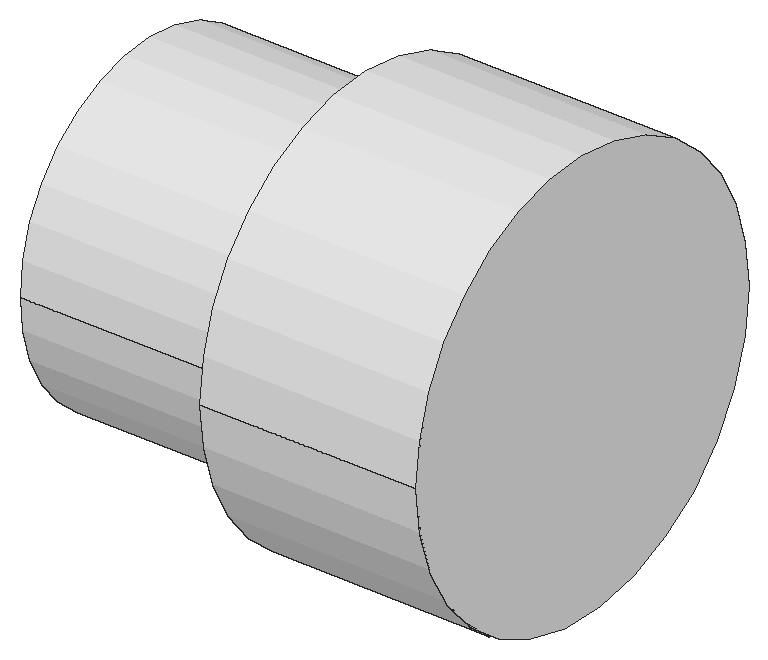
Revit family "BIMLIB_Муфта_переходная_РОСТерм", category Соединительные детали трубопроводов, Revit 2017
Family settings
  Размер круглого соединителя = Использовать диаметр
  Тип детали = Тройник
  На основе рабочей плоскости = Нет
  Всегда вертикально = Да
  При загрузке вырезать с полостями = Нет
  Общий = Нет
Parameters (values of type "BIMLIB_Муфта_переходная_РОСТерм")
  П [instance] = РТ_D1 > РТ_D2  # no
  Описание = "Тройник переходной."
  Л [instance] = not(П)  # yes
  Изготовитель = "РОСТерм"  # constant formula
  URL = "http://rostherm.ru/"
  РТ_L [instance] = size_lookup("Наименование", "РТ_L", 100 mm, РТ_DN2, РТ_DN1)  # 45 mm
  РТ_D_основа [instance] = if(РТ_DN1_н > РТ_DN2_н, РТ_DN1_н, РТ_DN2_н)  # 43.2 mm
  РТ_DN2 [instance] = if(РТ_D1 < РТ_D2, РТ_D1, РТ_D2)  # 25 mm
  РТ_DN1 [instance] = if(РТ_D1 > РТ_D2, РТ_D1, РТ_D2)  # 32 mm
  РТ_DN2_н [instance] = if(РТ_D1 < РТ_D2, РТ_D1_н, РТ_D2_н)  # 43.2 mm
  РТ_D2 [instance] = 32 mm
  РТ_DN1_н [instance] = if(РТ_D1 > РТ_D2, РТ_D1_н, РТ_D2_н)  # 33.75 mm
  РТ_D1_н [instance] = РТ_DN1 * 1.35  # 43.2 mm
  РТ_D1 [instance] = 25 mm
  РТ_D2_н [instance] = РТ_DN2 * 1.35  # 33.75 mm
  BL_Разработано = "support@bimlib.ru"
  BL_Email = "rostherm@bimlib.ru"
  BL_BIM library = "https://bimlib.pro/manufacturer/rosterm/1632/"
  ADSK_Расход жидкости [instance] = 0.0 L/s
  ADSK_Примечание = ""
  ADSK_Позиция = ""
  ADSK_Обозначение [instance] = "ГОСТ 32415-2013"  # constant formula
  ADSK_Наименование краткое [instance] = size_lookup("Наименование", "", "-", РТ_DN2, РТ_DN1)  # "Муфта переходная ВН d32х25"
  ADSK_Наименование [instance] = size_lookup("Наименование", "", "-", РТ_DN2, РТ_DN1)  # "Муфта переходная ВН d32х25"
  ADSK_Материал = BIMLIB_Белый_РT
  ADSK_Масса_Текст = ""
  ADSK_Масса [instance] = 0
  ADSK_Марка = ""
  ADSK_Код изделия [instance] = size_lookup("артикул", "", "-", РТ_DN2, РТ_DN1)  # "M32-25"
  ADSK_Завод-изготовитель = "РОСТерм"  # constant formula
  ADSK_Единица измерения = "шт"  # constant formula
  ADSK_Версия Revit = "2017"
  ADSK_URL страницы изделия = "http://rostherm.ru/truby-i-fitingi-iz-polipropilena-pprt/"
  ADSK_URL документации изделия = "http://rostherm.ru/"
Types (2, lengths in mm): name | П | Описание | Л | РТ_DN2_н | РТ_D2 | РТ_DN1_н | РТ_D1 | ADSK_Материал | ADSK_Марка
  BIMLIB_Муфта_переходная_РОСТерм | no | "Тройник переходной." | yes | 43.2 | 32 | 33.75 | 25 | BIMLIB_Белый_РT | ""
  Муфта переходная | yes | "Муфта переходная" | no | 33.75 | 25 | 43.2 | 32 | BIMLIB_Белый_РТ | "M40-20"
Reference planes
  plane 1 "По центру (Вперед/Назад)": y = 0
  plane 2: z = 0
  plane 3 "По центру (Влево/Вправо)": x = 0
  plane 4: x = -22.5
  plane 5: x = 22.5
Forms (mm)
  Extrusion 1, solid, material "BIMLIB_Белый_РT" <- "ADSK_Материал", detail levels fine
    sketch origin (0, 0, 0) x (0, 1, 0) y (0, 0, 1)
      loop
        circle (0, 0) r 16.875
    from -22.5 to 0
  Extrusion 2, solid, material "BIMLIB_Белый_РT" <- "ADSK_Материал", detail levels fine
    sketch origin (0, 0, 0) x (0, 1, 0) y (0, 0, 1)
      loop
        circle (0, 0) r 21.6
    from 0 to 22.5
Cuts and joins
  joined: Extrusion 1, Extrusion 2
Lines and regions (mm)
  reference lines
    curve 1: line (22.5, 0, 0) -> (-22.5, 0, 0)
  model lines, visible <- "Л", detail levels coarse+medium
    curve 2: line (22.5, 21.6, 0) -> (22.5, -21.6, 0)
    curve 3: line (22.5, 21.6, 0) -> (-22.5, 0, 0)
    curve 4: line (-22.5, 0, 0) -> (22.5, -21.6, 0)
  model lines, visible <- "П", detail levels coarse+medium
    curve 5: line (-22.5, -21.6, 0) -> (-22.5, 21.6, 0)
    curve 6: line (-22.5, 21.6, 0) -> (22.5, 0, 0)
    curve 7: line (22.5, 0, 0) -> (-22.5, -21.6, 0)
Dimensions and locks
  equal spacing: plane 4, plane 3 "По центру (Влево/Вправо)", plane 5
  "РТ_L": plane 4 to plane 5
  "РТ_DN1_н": diameter of Extrusion 1 sketch curve
  "РТ_DN2_н": diameter of Extrusion 2 sketch curve
  aligned and locked: level to plane 2
  aligned and locked: plane 4 to curve 1
  aligned and locked: plane 5 to curve 1
  aligned and locked: plane 1 "По центру (Вперед/Назад)" to curve 1
  aligned and locked: plane 5 to Extrusion 2
  aligned and locked: Extrusion 1 to plane 4
  aligned and locked: plane 3 "По центру (Влево/Вправо)" to cut or joined group of Extrusion 1, Extrusion 2
  aligned and locked: cut or joined group of Extrusion 1, Extrusion 2 to plane 3 "По центру (Влево/Вправо)"
Automatic sketch dimensions
  curve 5 to plane 4 = 0 mm
  curve 4 to plane 5 = 0 mm
  plane 1 "По центру (Вперед/Назад)" to curve 6 = 0 mm
  plane 1 "По центру (Вперед/Назад)" to curve 4 = 0 mm
  plane 1 "По центру (Вперед/Назад)" to curve 4 = 21.6 mm
  curve 5 to plane 1 "По центру (Вперед/Назад)" = 21.6 mm
  plane 1 "По центру (Вперед/Назад)" to curve 5 = 21.6 mm
  curve 2 to plane 1 "По центру (Вперед/Назад)" = 21.6 mm
  Extrusion 1 sketch curve to level = 0 mm
  Extrusion 1 sketch curve to plane 1 "По центру (Вперед/Назад)" = 0 mm
  Extrusion 2 sketch curve to level = 0 mm
  Extrusion 2 sketch curve to plane 1 "По центру (Вперед/Назад)" = 0 mm
Connectors
  piping at (22.5, 0, 0), diameter 32, driven by "РТ_D2", driven by "ADSK_Расход жидкости"
    settings: on curve 1, index 1, connector inside diameter 609.6 mm, connector length 0 mm, flow factor 0, pipe flow 0.0 L/s, pressure drop 0.0 Pa, fitting loss kfactor 0, connector angle 0.00°, fixture units 0, engagement length 0 mm, angle of deflection 0.00°, flow configuration 0, flow direction 0, fitting loss method 4, system type 28, joint type 0, gender type 0, connector reference index 2, connector utility 0, adjustable connector yes, is connector primary yes, connector description ""
  piping at (-22.5, 0, 0), diameter 25, driven by "РТ_D1", driven by "ADSK_Расход жидкости"
    settings: on curve 1, index 2, connector inside diameter 609.6 mm, connector length 0 mm, flow factor 0, pipe flow 0.0 L/s, pressure drop 0.0 Pa, fitting loss kfactor 0, connector angle 0.00°, fixture units 0, engagement length 0 mm, angle of deflection 0.00°, flow configuration 0, flow direction 0, fitting loss method 4, system type 28, joint type 0, gender type 0, connector reference index 1, connector utility 0, adjustable connector yes, is connector primary no, connector description ""
